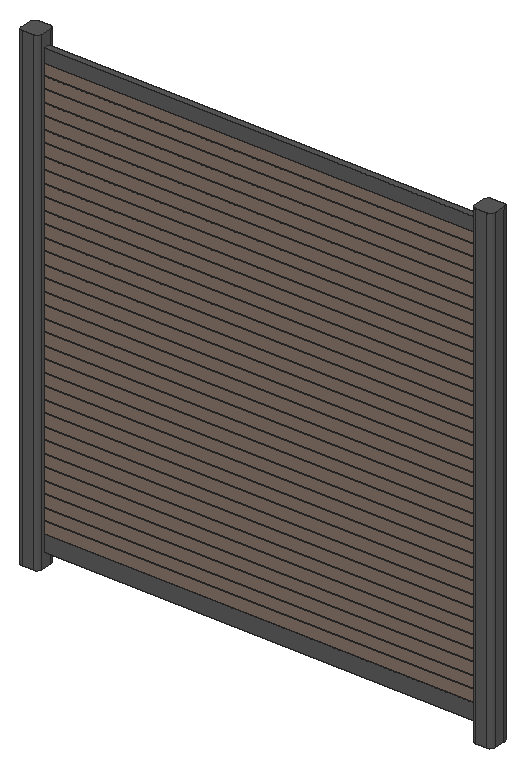
Revit family "NewTechWood-UltraEasy_Fencing-Fence", category Specialty Equipment, Revit 2024
Family settings
  Round Connector Dimension = Use Diameter
  Part Type = Normal
  Work Plane-Based = No
  Enable Cutting in Views = No
  Always vertical = Yes
  Cut with Voids When Loaded = No
  Maintain Annotation Orientation = No
  Shared = No
  Room Calculation Point = No
Parameters (values of type "UH66")
  Width [instance] = 70.86614"
  Right Post Sleeve Masking Region [instance] = Right Post Sleeve  # yes
  Panel Thickness = 0.82677"  # constant formula
  URL = "https://www.newtechwood.com/"
  UH66 Fence Profile = yes
  UH24 Fence Profile = no
  UH105 Fence Profile = no
  Trim Material [instance] = Arcat - NewTechWood - Black Matte
  Specification = ""
  SpecWizard = ""
  Sales Information = "https://www.newtechwood.com/contact-us/"
  Right Post Sleeve [instance] = yes
  Product Properties = "https://www.newtechwood.com/product/fencing//#technical"
  Product Data = "https://www.arcat.com/arcatcos/cos52/arc52279.html"
  Post Sleeve Material [instance] = Arcat - NewTechWood - Black Matte
  Panel Length [instance] = Auxiliary Width - (1.5748" * 2)  # 67.71654"
  Model = "Fence UH66"
  Manufacturer Phone - Toll Free = "1-866-728-5273"
  Manufacturer Phone = "1-281-570-6450"
  Manufacturer Fax = "1-281-661-1167"
  Manufacturer Email = "inquiry@newtechwood.com"
  Manufacturer Address = "15912 International Plaza Drive, Houston, Texas 77032"
  Manufacturer = "NewTechWood America Inc."
  Left Post Sleeve Masking Region [instance] = Left Post Sleeve  # yes
  Fence Height = 71.65"  # constant formula
  Auxiliary Width [instance] = if(Width > 70.86614", 70.86614", Width)  # 70.86614"
  Left Post Sleeve [instance] = yes
  Installation-Fabrication = "https://www.newtechwood.com/product/fencing/"
  Post Height = 74.80315"  # constant formula
  Green Building-LEED = ""
  Fence Board Material [instance] = Arcat - NewTechWood - TK - Peruvian Teak
  Description = "UltraShield® Naturale™ UltraEasy Fence, 71\" Width (Maximum) x 72\" Height x 1.125\" Thickness, With Capped Composite Board, 6\" Height x 0.8\" Thickness x 69\" Width (Maximum)"
  Default Elevation = 0"
  Copyright = "© 2025 ARCAT"  # constant formula
  Construction Details = "https://www.arcat.com/company/newtechwood-america-inc-52279/cad"
Types (3): name | UH66 Fence Profile | UH24 Fence Profile | UH105 Fence Profile | Model
  UH66 | yes | no | no | "Fence UH66"
  UH105 | no | no | yes | "Fence UH105"
  UH24 | no | yes | no | "Fence UH24"
Reference planes (in)
  plane 1 "Center (Front/Back)": y = 0
  plane 2: z = 0
  plane 3 "Center (Left/Right)": x = 0
  plane 4 "Top": z = 74.80315
  plane 5 "Left": x = -35.43307
  plane 6 "Right": x = 35.43307
Forms (in)
  Extrusion 1, solid, material "Arcat - NewTechWood - TK - Peruvian Teak" <- "Fence Board Material", visible <- "UH66 Fence Profile"
    sketch origin (0, 0, 0) x (0, 1, 0) y (0, 0, 1)
      loop
        line (0.41339, 4.63386) -> (0.21654, 4.63386) -> (0.21654, 4.79134) -> (0.41339, 4.79134) -> (0.41339, 6.52362) -> (0.21654, 6.52362) -> (0.21654, 6.6811) -> (0.41339, 6.6811) -> (0.41339, 8.41339) -> (0.21654, 8.41339) -> (0.21654, 8.57087) -> (0.41339, 8.57087) -> (0.41339, 10.30315) -> (0.21654, 10.30315) -> (0.21654, 10.46063) -> (0.41339, 10.46063) -> (0.41339, 12.19291) -> (0.21654, 12.19291) -> (0.21654, 12.35039) -> (0.41339, 12.35039) -> (0.41339, 14.08268) -> (0.21654, 14.08268) -> (0.21654, 14.24016) -> (0.41339, 14.24016) -> (0.41339, 15.97244) -> (0.21654, 15.97244) -> (0.21654, 16.12992) -> (0.41339, 16.12992) -> (0.41339, 17.8622) -> (0.21654, 17.8622) -> (0.21654, 18.01969) -> (0.41339, 18.01969) -> (0.41339, 19.75197) -> (0.21654, 19.75197) -> (0.21654, 19.90945) -> (0.41339, 19.90945) -> (0.41339, 21.64173) -> (0.21654, 21.64173) -> (0.21654, 21.79921) -> (0.41339, 21.79921) -> (0.41339, 23.5315) -> (0.21654, 23.5315) -> (0.21654, 23.68898) -> (0.41339, 23.68898) -> (0.41339, 25.42126) -> (0.21654, 25.42126) -> (0.21654, 25.57874) -> (0.41339, 25.57874) -> (0.41339, 27.31102) -> (0.21654, 27.31102) -> (0.21654, 27.4685) -> (0.41339, 27.4685) -> (0.41339, 29.20079) -> (0.21654, 29.20079) -> (0.21654, 29.35827) -> (0.41339, 29.35827) -> (0.41339, 31.09055) -> (0.21654, 31.09055) -> (0.21654, 31.24803) -> (0.41339, 31.24803) -> (0.41339, 32.98031) -> (0.21654, 32.98031) -> (0.21654, 33.1378) -> (0.41339, 33.1378) -> (0.41339, 34.87008) -> (0.21654, 34.87008) -> (0.21654, 35.02756) -> (0.41339, 35.02756) -> (0.41339, 36.75984) -> (0.21654, 36.75984) -> (0.21654, 36.91732) -> (0.41339, 36.91732) -> (0.41339, 38.64961) -> (0.21654, 38.64961) -> (0.21654, 38.80709) -> (0.41339, 38.80709) -> (0.41339, 40.53937) -> (0.21654, 40.53937) -> (0.21654, 40.69685) -> (0.41339, 40.69685) -> (0.41339, 42.42913) -> (0.21654, 42.42913) -> (0.21654, 42.58661) -> (0.41339, 42.58661) -> (0.41339, 44.3189) -> (0.21654, 44.3189) -> (0.21654, 44.47638) -> (0.41339, 44.47638) -> (0.41339, 46.20866) -> (0.21654, 46.20866) -> (0.21654, 46.36614) -> (0.41339, 46.36614) -> (0.41339, 48.09843) -> (0.21654, 48.09843) -> (0.21654, 48.25591) -> (0.41339, 48.25591) -> (0.41339, 49.98819) -> (0.21654, 49.98819) -> (0.21654, 50.14567) -> (0.41339, 50.14567) -> (0.41339, 51.87795) -> (0.21654, 51.87795) -> (0.21654, 52.03543) -> (0.41339, 52.03543) -> (0.41339, 53.76772) -> (0.21654, 53.76772) -> (0.21654, 53.9252) -> (0.41339, 53.9252) -> (0.41339, 55.65748) -> (0.21654, 55.65748) -> (0.21654, 55.81496) -> (0.41339, 55.81496) -> (0.41339, 57.54724) -> (0.21654, 57.54724) -> (0.21654, 57.70472) -> (0.41339, 57.70472) -> (0.41339, 59.43701) -> (0.21654, 59.43701) -> (0.21654, 59.59449) -> (0.41339, 59.59449) -> (0.41339, 61.32677) -> (0.21654, 61.32677) -> (0.21654, 61.48425) -> (0.41339, 61.48425) -> (0.41339, 63.21654) -> (0.21654, 63.21654) -> (0.21654, 63.37402) -> (0.41339, 63.37402) -> (0.41339, 65.1063) -> (0.21654, 65.1063) -> (0.21654, 65.26378) -> (0.41339, 65.26378) -> (0.41339, 66.99606) -> (0.21654, 66.99606) -> (0.21654, 67.15354) -> (0.41339, 67.15354) -> (0.41339, 68.88583) -> (0.21654, 68.88583) -> (0.21654, 69.04331) -> (0.41339, 69.04331) -> (0.41339, 70.77559) -> (0.21654, 70.77559) -> (0.21654, 70.93307) -> (-0.21654, 70.93307) -> (-0.21654, 70.77559) -> (-0.41339, 70.77559) -> (-0.41339, 69.04331) -> (-0.21654, 69.04331) -> (-0.21654, 68.88583) -> (-0.41339, 68.88583) -> (-0.41339, 67.15354) -> (-0.21654, 67.15354) -> (-0.21654, 66.99606) -> (-0.41339, 66.99606) -> (-0.41339, 65.26378) -> (-0.21654, 65.26378) -> (-0.21654, 65.1063) -> (-0.41339, 65.1063) -> (-0.41339, 63.37402) -> (-0.21654, 63.37402) -> (-0.21654, 63.21654) -> (-0.41339, 63.21654) -> (-0.41339, 61.48425) -> (-0.21654, 61.48425) -> (-0.21654, 61.32677) -> (-0.41339, 61.32677) -> (-0.41339, 59.59449) -> (-0.21654, 59.59449) -> (-0.21654, 59.43701) -> (-0.41339, 59.43701) -> (-0.41339, 57.70472) -> (-0.21654, 57.70472) -> (-0.21654, 57.54724) -> (-0.41339, 57.54724) -> (-0.41339, 55.81496) -> (-0.21654, 55.81496) -> (-0.21654, 55.65748) -> (-0.41339, 55.65748) -> (-0.41339, 53.9252) -> (-0.21654, 53.9252) -> (-0.21654, 53.76772) -> (-0.41339, 53.76772) -> (-0.41339, 52.03543) -> (-0.21654, 52.03543) -> (-0.21654, 51.87795) -> (-0.41339, 51.87795) -> (-0.41339, 50.14567) -> (-0.21654, 50.14567) -> (-0.21654, 49.98819) -> (-0.41339, 49.98819) -> (-0.41339, 48.25591) -> (-0.21654, 48.25591) -> (-0.21654, 48.09843) -> (-0.41339, 48.09843) -> (-0.41339, 46.36614) -> (-0.21654, 46.36614) -> (-0.21654, 46.20866) -> (-0.41339, 46.20866) -> (-0.41339, 44.47638) -> (-0.21654, 44.47638) -> (-0.21654, 44.3189) -> (-0.41339, 44.3189) -> (-0.41339, 42.58661) -> (-0.21654, 42.58661) -> (-0.21654, 42.42913) -> (-0.41339, 42.42913) -> (-0.41339, 40.69685) -> (-0.21654, 40.69685) -> (-0.21654, 40.53937) -> (-0.41339, 40.53937) -> (-0.41339, 38.80709) -> (-0.21654, 38.80709) -> (-0.21654, 38.64961) -> (-0.41339, 38.64961) -> (-0.41339, 36.91732) -> (-0.21654, 36.91732) -> (-0.21654, 36.75984) -> (-0.41339, 36.75984) -> (-0.41339, 35.02756) -> (-0.21654, 35.02756) -> (-0.21654, 34.87008) -> (-0.41339, 34.87008) -> (-0.41339, 33.1378) -> (-0.21654, 33.1378) -> (-0.21654, 32.98031) -> (-0.41339, 32.98031) -> (-0.41339, 31.24803) -> (-0.21654, 31.24803) -> (-0.21654, 31.09055) -> (-0.41339, 31.09055) -> (-0.41339, 29.35827) -> (-0.21654, 29.35827) -> (-0.21654, 29.20079) -> (-0.41339, 29.20079) -> (-0.41339, 27.4685) -> (-0.21654, 27.4685) -> (-0.21654, 27.31102) -> (-0.41339, 27.31102) -> (-0.41339, 25.57874) -> (-0.21654, 25.57874) -> (-0.21654, 25.42126) -> (-0.41339, 25.42126) -> (-0.41339, 23.68898) -> (-0.21654, 23.68898) -> (-0.21654, 23.5315) -> (-0.41339, 23.5315) -> (-0.41339, 21.79921) -> (-0.21654, 21.79921) -> (-0.21654, 21.64173) -> (-0.41339, 21.64173) -> (-0.41339, 19.90945) -> (-0.21654, 19.90945) -> (-0.21654, 19.75197) -> (-0.41339, 19.75197) -> (-0.41339, 18.01969) -> (-0.21654, 18.01969) -> (-0.21654, 17.8622) -> (-0.41339, 17.8622) -> (-0.41339, 16.12992) -> (-0.21654, 16.12992) -> (-0.21654, 15.97244) -> (-0.41339, 15.97244) -> (-0.41339, 14.24016) -> (-0.21654, 14.24016) -> (-0.21654, 14.08268) -> (-0.41339, 14.08268) -> (-0.41339, 12.35039) -> (-0.21654, 12.35039) -> (-0.21654, 12.19291) -> (-0.41339, 12.19291) -> (-0.41339, 10.46063) -> (-0.21654, 10.46063) -> (-0.21654, 10.30315) -> (-0.41339, 10.30315) -> (-0.41339, 8.57087) -> (-0.21654, 8.57087) -> (-0.21654, 8.41339) -> (-0.41339, 8.41339) -> (-0.41339, 6.6811) -> (-0.21654, 6.6811) -> (-0.21654, 6.52362) -> (-0.41339, 6.52362) -> (-0.41339, 4.79134) -> (-0.21654, 4.79134) -> (-0.21654, 4.63386) -> (-0.41339, 4.63386) -> (-0.41339, 2.49213) -> (0.41339, 2.49213) -> (0.41339, 4.63386)
    from -33.85827 to 33.85827
  Extrusion 2, solid, material "Arcat - NewTechWood - Black Matte" <- "Trim Material"
    sketch origin (0, 0, 0) x (0, 1, 0) y (0, 0, 1)
      loop
        line (0.51181, 70.77559) -> (0.51181, 72.83465) -> (-0.51181, 72.83465) -> (-0.51181, 70.77559) -> (-0.21654, 70.77559) -> (-0.21654, 70.93307) -> (0.21654, 70.93307) -> (0.21654, 70.77559) -> (0.51181, 70.77559)
      loop
        line (-0.51181, 2.24409) -> (0.51181, 2.24409) -> (0.51181, 4.84252) -> (0.41339, 4.84252) -> (0.41339, 2.49213) -> (-0.41339, 2.49213) -> (-0.41339, 4.84252) -> (-0.51181, 4.84252) -> (-0.51181, 2.24409)
    from -33.85827 to 33.85827
  Extrusion 3, solid, material "Arcat - NewTechWood - TK - Peruvian Teak" <- "Fence Board Material", visible <- "UH105 Fence Profile"
    sketch origin (0, 0, 0) x (0, 1, 0) y (0, 0, 1)
      loop
        line (-0.41339, 2.49213) -> (0.41339, 2.49213) -> (0.41339, 4.63386) -> (0.21654, 4.63386) -> (0.21654, 4.79134) -> (0.41339, 4.79134) -> (0.41339, 5.57874) -> (0.21654, 5.57874) -> (0.21654, 5.73622) -> (0.41339, 5.73622) -> (0.41339, 7.4685) -> (0.21654, 7.4685) -> (0.21654, 7.62598) -> (0.41339, 7.62598) -> (0.41339, 8.41339) -> (0.21654, 8.41339) -> (0.21654, 8.57087) -> (0.41339, 8.57087) -> (0.41339, 10.30315) -> (0.21654, 10.30315) -> (0.21654, 10.46063) -> (0.41339, 10.46063) -> (0.41339, 11.24803) -> (0.21654, 11.24803) -> (0.21654, 11.40551) -> (0.41339, 11.40551) -> (0.41339, 13.1378) -> (0.21654, 13.1378) -> (0.21654, 13.29528) -> (0.41339, 13.29528) -> (0.41339, 14.08268) -> (0.21654, 14.08268) -> (0.21654, 14.24016) -> (0.41339, 14.24016) -> (0.41339, 15.97244) -> (0.21654, 15.97244) -> (0.21654, 16.12992) -> (0.41339, 16.12992) -> (0.41339, 16.91732) -> (0.21654, 16.91732) -> (0.21654, 17.0748) -> (0.41339, 17.0748) -> (0.41339, 18.80709) -> (0.21654, 18.80709) -> (0.21654, 18.96457) -> (0.41339, 18.96457) -> (0.41339, 19.75197) -> (0.21654, 19.75197) -> (0.21654, 19.90945) -> (0.41339, 19.90945) -> (0.41339, 21.64173) -> (0.21654, 21.64173) -> (0.21654, 21.79921) -> (0.41339, 21.79921) -> (0.41339, 22.58661) -> (0.21654, 22.58661) -> (0.21654, 22.74409) -> (0.41339, 22.74409) -> (0.41339, 24.47638) -> (0.21654, 24.47638) -> (0.21654, 24.63386) -> (0.41339, 24.63386) -> (0.41339, 25.42126) -> (0.21654, 25.42126) -> (0.21654, 25.57874) -> (0.41339, 25.57874) -> (0.41339, 27.31102) -> (0.21654, 27.31102) -> (0.21654, 27.4685) -> (0.41339, 27.4685) -> (0.41339, 28.25591) -> (0.21654, 28.25591) -> (0.21654, 28.41339) -> (0.41339, 28.41339) -> (0.41339, 30.14567) -> (0.21654, 30.14567) -> (0.21654, 30.30315) -> (0.41339, 30.30315) -> (0.41339, 31.09055) -> (0.21654, 31.09055) -> (0.21654, 31.24803) -> (0.41339, 31.24803) -> (0.41339, 32.98031) -> (0.21654, 32.98031) -> (0.21654, 33.1378) -> (0.41339, 33.1378) -> (0.41339, 33.9252) -> (0.21654, 33.9252) -> (0.21654, 34.08268) -> (0.41339, 34.08268) -> (0.41339, 35.81496) -> (0.21654, 35.81496) -> (0.21654, 35.97244) -> (0.41339, 35.97244) -> (0.41339, 36.75984) -> (0.21654, 36.75984) -> (0.21654, 36.91732) -> (0.41339, 36.91732) -> (0.41339, 38.64961) -> (0.21654, 38.64961) -> (0.21654, 38.80709) -> (0.41339, 38.80709) -> (0.41339, 39.59449) -> (0.21654, 39.59449) -> (0.21654, 39.75197) -> (0.41339, 39.75197) -> (0.41339, 41.48425) -> (0.21654, 41.48425) -> (0.21654, 41.64173) -> (0.41339, 41.64173) -> (0.41339, 42.42913) -> (0.21654, 42.42913) -> (0.21654, 42.58661) -> (0.41339, 42.58661) -> (0.41339, 44.3189) -> (0.21654, 44.3189) -> (0.21654, 44.47638) -> (0.41339, 44.47638) -> (0.41339, 45.26378) -> (0.21654, 45.26378) -> (0.21654, 45.42126) -> (0.41339, 45.42126) -> (0.41339, 47.15354) -> (0.21654, 47.15354) -> (0.21654, 47.31102) -> (0.41339, 47.31102) -> (0.41339, 48.09843) -> (0.21654, 48.09843) -> (0.21654, 48.25591) -> (0.41339, 48.25591) -> (0.41339, 49.98819) -> (0.21654, 49.98819) -> (0.21654, 50.14567) -> (0.41339, 50.14567) -> (0.41339, 50.93307) -> (0.21654, 50.93307) -> (0.21654, 51.09055) -> (0.41339, 51.09055) -> (0.41339, 52.82283) -> (0.21654, 52.82283) -> (0.21654, 52.98031) -> (0.41339, 52.98031) -> (0.41339, 53.76772) -> (0.21654, 53.76772) -> (0.21654, 53.9252) -> (0.41339, 53.9252) -> (0.41339, 55.65748) -> (0.21654, 55.65748) -> (0.21654, 55.81496) -> (0.41339, 55.81496) -> (0.41339, 56.60236) -> (0.21654, 56.60236) -> (0.21654, 56.75984) -> (0.41339, 56.75984) -> (0.41339, 58.49213) -> (0.21654, 58.49213) -> (0.21654, 58.64961) -> (0.41339, 58.64961) -> (0.41339, 59.43701) -> (0.21654, 59.43701) -> (0.21654, 59.59449) -> (0.41339, 59.59449) -> (0.41339, 61.32677) -> (0.21654, 61.32677) -> (0.21654, 61.48425) -> (0.41339, 61.48425) -> (0.41339, 62.27165) -> (0.21654, 62.27165) -> (0.21654, 62.42913) -> (0.41339, 62.42913) -> (0.41339, 64.16142) -> (0.21654, 64.16142) -> (0.21654, 64.3189) -> (0.41339, 64.3189) -> (0.41339, 65.1063) -> (0.21654, 65.1063) -> (0.21654, 65.26378) -> (0.41339, 65.26378) -> (0.41339, 66.99606) -> (0.21654, 66.99606) -> (0.21654, 67.15354) -> (0.41339, 67.15354) -> (0.41339, 67.94094) -> (0.21654, 67.94094) -> (0.21654, 68.09843) -> (0.41339, 68.09843) -> (0.41339, 69.83071) -> (0.21654, 69.83071) -> (0.21654, 69.98819) -> (0.41339, 69.98819) -> (0.41339, 70.77559) -> (0.21654, 70.77559) -> (0.21654, 70.93307) -> (-0.21654, 70.93307) -> (-0.21654, 70.77559) -> (-0.41339, 70.77559) -> (-0.41339, 69.98819) -> (-0.21654, 69.98819) -> (-0.21654, 69.83071) -> (-0.41339, 69.83071) -> (-0.41339, 68.09843) -> (-0.21654, 68.09843) -> (-0.21654, 67.94094) -> (-0.41339, 67.94094) -> (-0.41339, 67.15354) -> (-0.21654, 67.15354) -> (-0.21654, 66.99606) -> (-0.41339, 66.99606) -> (-0.41339, 65.26378) -> (-0.21654, 65.26378) -> (-0.21654, 65.1063) -> (-0.41339, 65.1063) -> (-0.41339, 64.3189) -> (-0.21654, 64.3189) -> (-0.21654, 64.16142) -> (-0.41339, 64.16142) -> (-0.41339, 62.42913) -> (-0.21654, 62.42913) -> (-0.21654, 62.27165) -> (-0.41339, 62.27165) -> (-0.41339, 61.48425) -> (-0.21654, 61.48425) -> (-0.21654, 61.32677) -> (-0.41339, 61.32677) -> (-0.41339, 59.59449) -> (-0.21654, 59.59449) -> (-0.21654, 59.43701) -> (-0.41339, 59.43701) -> (-0.41339, 58.64961) -> (-0.21654, 58.64961) -> (-0.21654, 58.49213) -> (-0.41339, 58.49213) -> (-0.41339, 56.75984) -> (-0.21654, 56.75984) -> (-0.21654, 56.60236) -> (-0.41339, 56.60236) -> (-0.41339, 55.81496) -> (-0.21654, 55.81496) -> (-0.21654, 55.65748) -> (-0.41339, 55.65748) -> (-0.41339, 53.9252) -> (-0.21654, 53.9252) -> (-0.21654, 53.76772) -> (-0.41339, 53.76772) -> (-0.41339, 52.98031) -> (-0.21654, 52.98031) -> (-0.21654, 52.82283) -> (-0.41339, 52.82283) -> (-0.41339, 51.09055) -> (-0.21654, 51.09055) -> (-0.21654, 50.93307) -> (-0.41339, 50.93307) -> (-0.41339, 50.14567) -> (-0.21654, 50.14567) -> (-0.21654, 49.98819) -> (-0.41339, 49.98819) -> (-0.41339, 48.25591) -> (-0.21654, 48.25591) -> (-0.21654, 48.09843) -> (-0.41339, 48.09843) -> (-0.41339, 47.31102) -> (-0.21654, 47.31102) -> (-0.21654, 47.15354) -> (-0.41339, 47.15354) -> (-0.41339, 45.42126) -> (-0.21654, 45.42126) -> (-0.21654, 45.26378) -> (-0.41339, 45.26378) -> (-0.41339, 44.47638) -> (-0.21654, 44.47638) -> (-0.21654, 44.3189) -> (-0.41339, 44.3189) -> (-0.41339, 42.58661) -> (-0.21654, 42.58661) -> (-0.21654, 42.42913) -> (-0.41339, 42.42913) -> (-0.41339, 41.64173) -> (-0.21654, 41.64173) -> (-0.21654, 41.48425) -> (-0.41339, 41.48425) -> (-0.41339, 39.75197) -> (-0.21654, 39.75197) -> (-0.21654, 39.59449) -> (-0.41339, 39.59449) -> (-0.41339, 38.80709) -> (-0.21654, 38.80709) -> (-0.21654, 38.64961) -> (-0.41339, 38.64961) -> (-0.41339, 36.91732) -> (-0.21654, 36.91732) -> (-0.21654, 36.75984) -> (-0.41339, 36.75984) -> (-0.41339, 35.97244) -> (-0.21654, 35.97244) -> (-0.21654, 35.81496) -> (-0.41339, 35.81496) -> (-0.41339, 34.08268) -> (-0.21654, 34.08268) -> (-0.21654, 33.9252) -> (-0.41339, 33.9252) -> (-0.41339, 33.1378) -> (-0.21654, 33.1378) -> (-0.21654, 32.98031) -> (-0.41339, 32.98031) -> (-0.41339, 31.24803) -> (-0.21654, 31.24803) -> (-0.21654, 31.09055) -> (-0.41339, 31.09055) -> (-0.41339, 30.30315) -> (-0.21654, 30.30315) -> (-0.21654, 30.14567) -> (-0.41339, 30.14567) -> (-0.41339, 28.41339) -> (-0.21654, 28.41339) -> (-0.21654, 28.25591) -> (-0.41339, 28.25591) -> (-0.41339, 27.4685) -> (-0.21654, 27.4685) -> (-0.21654, 27.31102) -> (-0.41339, 27.31102) -> (-0.41339, 25.57874) -> (-0.21654, 25.57874) -> (-0.21654, 25.42126) -> (-0.41339, 25.42126) -> (-0.41339, 24.63386) -> (-0.21654, 24.63386) -> (-0.21654, 24.47638) -> (-0.41339, 24.47638) -> (-0.41339, 22.74409) -> (-0.21654, 22.74409) -> (-0.21654, 22.58661) -> (-0.41339, 22.58661) -> (-0.41339, 21.79921) -> (-0.21654, 21.79921) -> (-0.21654, 21.64173) -> (-0.41339, 21.64173) -> (-0.41339, 19.90945) -> (-0.21654, 19.90945) -> (-0.21654, 19.75197) -> (-0.41339, 19.75197) -> (-0.41339, 18.96457) -> (-0.21654, 18.96457) -> (-0.21654, 18.80709) -> (-0.41339, 18.80709) -> (-0.41339, 17.0748) -> (-0.21654, 17.0748) -> (-0.21654, 16.91732) -> (-0.41339, 16.91732) -> (-0.41339, 16.12992) -> (-0.21654, 16.12992) -> (-0.21654, 15.97244) -> (-0.41339, 15.97244) -> (-0.41339, 14.24016) -> (-0.21654, 14.24016) -> (-0.21654, 14.08268) -> (-0.41339, 14.08268) -> (-0.41339, 13.29528) -> (-0.21654, 13.29528) -> (-0.21654, 13.1378) -> (-0.41339, 13.1378) -> (-0.41339, 11.40551) -> (-0.21654, 11.40551) -> (-0.21654, 11.24803) -> (-0.41339, 11.24803) -> (-0.41339, 10.46063) -> (-0.21654, 10.46063) -> (-0.21654, 10.30315) -> (-0.41339, 10.30315) -> (-0.41339, 8.57087) -> (-0.21654, 8.57087) -> (-0.21654, 8.41339) -> (-0.41339, 8.41339) -> (-0.41339, 7.62598) -> (-0.21654, 7.62598) -> (-0.21654, 7.4685) -> (-0.41339, 7.4685) -> (-0.41339, 5.73622) -> (-0.21654, 5.73622) -> (-0.21654, 5.57874) -> (-0.41339, 5.57874) -> (-0.41339, 4.79134) -> (-0.21654, 4.79134) -> (-0.21654, 4.63386) -> (-0.41339, 4.63386) -> (-0.41339, 2.49213)
    from -33.85827 to 33.85827
  Extrusion 4, solid, material "Arcat - NewTechWood - TK - Peruvian Teak" <- "Fence Board Material", visible <- "UH24 Fence Profile"
    sketch origin (0, 0, 0) x (0, 1, 0) y (0, 0, 1)
      loop
        line (-0.41339, 2.49213) -> (0.41339, 2.49213) -> (0.41339, 8.49213) -> (0.21654, 8.49213) -> (0.21654, 8.57087) -> (0.41339, 8.57087) -> (0.41339, 14.16142) -> (0.21654, 14.16142) -> (0.21654, 14.24016) -> (0.41339, 14.24016) -> (0.41339, 19.83071) -> (0.21654, 19.83071) -> (0.21654, 19.90945) -> (0.41339, 19.90945) -> (0.41339, 25.5) -> (0.21654, 25.5) -> (0.21654, 25.57874) -> (0.41339, 25.57874) -> (0.41339, 31.16929) -> (0.21654, 31.16929) -> (0.21654, 31.24803) -> (0.41339, 31.24803) -> (0.41339, 36.83858) -> (0.21654, 36.83858) -> (0.21654, 36.91732) -> (0.41339, 36.91732) -> (0.41339, 42.50787) -> (0.21654, 42.50787) -> (0.21654, 42.58661) -> (0.41339, 42.58661) -> (0.41339, 48.17717) -> (0.21654, 48.17717) -> (0.21654, 48.25591) -> (0.41339, 48.25591) -> (0.41339, 53.84646) -> (0.21654, 53.84646) -> (0.21654, 53.9252) -> (0.41339, 53.9252) -> (0.41339, 59.51575) -> (0.21654, 59.51575) -> (0.21654, 59.59449) -> (0.41339, 59.59449) -> (0.41339, 65.18504) -> (0.21654, 65.18504) -> (0.21654, 65.26378) -> (0.41339, 65.26378) -> (0.41339, 70.77559) -> (0.21654, 70.77559) -> (0.21654, 70.93307) -> (-0.21654, 70.93307) -> (-0.21654, 70.77559) -> (-0.41339, 70.77559) -> (-0.41339, 65.26378) -> (-0.21654, 65.26378) -> (-0.21654, 65.18504) -> (-0.41339, 65.18504) -> (-0.41339, 59.59449) -> (-0.21654, 59.59449) -> (-0.21654, 59.51575) -> (-0.41339, 59.51575) -> (-0.41339, 53.9252) -> (-0.21654, 53.9252) -> (-0.21654, 53.84646) -> (-0.41339, 53.84646) -> (-0.41339, 48.25591) -> (-0.21654, 48.25591) -> (-0.21654, 48.17717) -> (-0.41339, 48.17717) -> (-0.41339, 42.58661) -> (-0.21654, 42.58661) -> (-0.21654, 42.50787) -> (-0.41339, 42.50787) -> (-0.41339, 36.91732) -> (-0.21654, 36.91732) -> (-0.21654, 36.83858) -> (-0.41339, 36.83858) -> (-0.41339, 31.24803) -> (-0.21654, 31.24803) -> (-0.21654, 31.16929) -> (-0.41339, 31.16929) -> (-0.41339, 25.57874) -> (-0.21654, 25.57874) -> (-0.21654, 25.5) -> (-0.41339, 25.5) -> (-0.41339, 19.90945) -> (-0.21654, 19.90945) -> (-0.21654, 19.83071) -> (-0.41339, 19.83071) -> (-0.41339, 14.24016) -> (-0.21654, 14.24016) -> (-0.21654, 14.16142) -> (-0.41339, 14.16142) -> (-0.41339, 8.57087) -> (-0.21654, 8.57087) -> (-0.21654, 8.49213) -> (-0.41339, 8.49213) -> (-0.41339, 2.49213)
    from -33.85827 to 33.85827
Lines and regions (in)
  Masking region 1
    outline origin (0, 0, 0) x (1, 0, 0) y (0, 1, 0)
      loop
        line (33.85827, 0.51181) -> (-33.85827, 0.51181) -> (-33.85827, -0.51181) -> (33.85827, -0.51181) -> (33.85827, 0.51181)
  Masking region 2, visible <- "Left Post Sleeve Masking Region"
    outline origin (0, 0, 0) x (1, 0, 0) y (0, 1, 0)
      loop
        arc (-33.85827, 0.86614) -> (-34.06583, 1.36724) -> (-34.56693, 1.5748) r 0.70866
        line (-34.56693, 1.5748) -> (-36.29921, 1.5748)
        arc (-36.29921, 1.5748) -> (-36.80031, 1.36724) -> (-37.00787, 0.86614) r 0.70866
        line (-37.00787, 0.86614) -> (-37.00787, -0.86614)
        arc (-37.00787, -0.86614) -> (-36.80031, -1.36724) -> (-36.29921, -1.5748) r 0.70866
        line (-36.29921, -1.5748) -> (-34.56693, -1.5748)
        arc (-34.56693, -1.5748) -> (-34.06583, -1.36724) -> (-33.85827, -0.86614) r 0.70866
        line (-33.85827, -0.86614) -> (-33.85827, 0.86614)
  Masking region 3, visible <- "Right Post Sleeve Masking Region"
    outline origin (0, 0, 0) x (1, 0, 0) y (0, 1, 0)
      loop
        line (33.85827, 0.86614) -> (33.85827, -0.86614)
        arc (33.85827, -0.86614) -> (34.06583, -1.36724) -> (34.56693, -1.5748) r 0.70866
        line (34.56693, -1.5748) -> (36.29921, -1.5748)
        arc (36.29921, -1.5748) -> (36.80031, -1.36724) -> (37.00787, -0.86614) r 0.70866
        line (37.00787, -0.86614) -> (37.00787, 0.86614)
        arc (37.00787, 0.86614) -> (36.80031, 1.36724) -> (36.29921, 1.5748) r 0.70866
        line (36.29921, 1.5748) -> (34.56693, 1.5748)
        arc (34.56693, 1.5748) -> (34.06583, 1.36724) -> (33.85827, 0.86614) r 0.70866
Dimensions and locks (in)
  "Post Height": plane 4 "Top" to plane 2
  equal spacing: plane 5 "Left", plane 3 "Center (Left/Right)", plane 6 "Right"
  locked: Extrusion 1 to plane 5 "Left" at 1.5748
  locked: plane 6 "Right" to Extrusion 1 at 1.5748
  equal spacing: Extrusion 2 sketch curve, nested 1, Extrusion 2 sketch curve  (x2)
  locked: Extrusion 2 to plane 5 "Left" at 1.5748
  locked: plane 6 "Right" to Extrusion 2 at 1.5748
  locked: Extrusion 3 to plane 5 "Left" at 1.5748
  locked: plane 6 "Right" to Extrusion 3 at 1.5748
  locked: Extrusion 4 to plane 5 "Left" at 1.5748
  locked: plane 6 "Right" to Extrusion 4 at 1.5748
  "Auxiliary Width": plane 5 "Left" to plane 6 "Right"
  aligned and locked: plane 2 to level
  aligned and locked: plane 5 "Left" to nested 1
  aligned and locked: plane 1 "Center (Front/Back)" to nested 1
  aligned and locked: plane 4 "Top" to nested 1
  aligned and locked: nested 2 to plane 6 "Right"
  aligned and locked: plane 1 "Center (Front/Back)" to nested 2
Automatic sketch dimensions
  plane 1 "Center (Front/Back)" to Extrusion 4 sketch curve = 0.41339"  (x7)
  Extrusion 4 sketch curve to Extrusion 4 sketch curve = 0"  (x24)
  Extrusion 4 sketch curve to Extrusion 4 sketch curve = 0.19685"  (x17)
  Extrusion 4 sketch curve to plane 1 "Center (Front/Back)" = 0.21654"  (x12)
  Extrusion 4 sketch curve to Extrusion 4 sketch curve = 6"
  Extrusion 4 sketch curve to Extrusion 4 sketch curve = 0.07874"  (x22)
  Extrusion 4 sketch curve to Extrusion 4 sketch curve = 5.59055"  (x10)
  Extrusion 4 sketch curve to plane 4 "Top" = 4.02756"
  Extrusion 4 sketch curve to Extrusion 4 sketch curve = 0.15748"
  plane 5 "Left" to Masking region 1 sketch curve = 1.5748"
  plane 1 "Center (Front/Back)" to Masking region 1 sketch curve = 0.51181"
  plane 6 "Right" to Masking region 1 sketch curve = 1.5748"
  Masking region 1 sketch curve to plane 1 "Center (Front/Back)" = 0.51181"
  plane 5 "Left" to Masking region 2 sketch curve = 0.86614"
  Masking region 2 sketch curve to plane 1 "Center (Front/Back)" = 0.86614"
  Masking region 2 sketch curve to Masking region 2 sketch curve = 0.70866"  (x4)
  Masking region 2 sketch curve to plane 5 "Left" = 0.86614"
  plane 1 "Center (Front/Back)" to Masking region 2 sketch curve = 0.86614"
  Masking region 3 sketch curve to Masking region 3 sketch curve = 0.70866"  (x3)
  Masking region 3 sketch curve to plane 1 "Center (Front/Back)" = 0.86614"
  plane 1 "Center (Front/Back)" to Masking region 3 sketch curve = 0.86614"  (x2)
  Masking region 3 sketch curve to plane 6 "Right" = 0.86614"
  plane 6 "Right" to Masking region 3 sketch curve = 0.86614"
  Extrusion 4 sketch curve to Extrusion 4 sketch curve = 5.51181"
  plane 1 "Center (Front/Back)" to Extrusion 1 sketch curve = 0.41339"  (x20)
  Extrusion 1 sketch curve to Extrusion 1 sketch curve = 0"  (x71)
  Extrusion 1 sketch curve to Extrusion 1 sketch curve = 0.19685"  (x51)
  plane 1 "Center (Front/Back)" to Extrusion 1 sketch curve = 0.21654"
  Extrusion 1 sketch curve to plane 1 "Center (Front/Back)" = 0.21654"  (x36)
  Extrusion 1 sketch curve to plane 1 "Center (Front/Back)" = 0.41339"
  level to Extrusion 1 sketch curve = 2.49213"
  Extrusion 1 sketch curve to Extrusion 1 sketch curve = 2.14173"
  Extrusion 1 sketch curve to Extrusion 1 sketch curve = 0.15748"  (x71)
  Extrusion 1 sketch curve to Extrusion 1 sketch curve = 1.73228"  (x35)
  plane 1 "Center (Front/Back)" to Extrusion 3 sketch curve = 0.41339"  (x26)
  Extrusion 3 sketch curve to Extrusion 3 sketch curve = 0"  (x100)
  Extrusion 3 sketch curve to Extrusion 3 sketch curve = 0.19685"  (x66)
  Extrusion 3 sketch curve to plane 1 "Center (Front/Back)" = 0.21654"  (x48)
  level to Extrusion 3 sketch curve = 2.49213"
  Extrusion 3 sketch curve to Extrusion 3 sketch curve = 2.14173"
  Extrusion 3 sketch curve to Extrusion 3 sketch curve = 0.15748"  (x95)
  Extrusion 3 sketch curve to Extrusion 3 sketch curve = 0.7874"  (x24)
  Extrusion 3 sketch curve to Extrusion 3 sketch curve = 1.73228"  (x23)
  plane 1 "Center (Front/Back)" to Extrusion 2 sketch curve = 0.51181"  (x2)
  Extrusion 2 sketch curve to Extrusion 2 sketch curve = 0.09843"  (x2)
  plane 1 "Center (Front/Back)" to Extrusion 2 sketch curve = 0.21654"
  Extrusion 2 sketch curve to plane 1 "Center (Front/Back)" = 0.21654"
  level to Extrusion 2 sketch curve = 2.24409"
  Extrusion 2 sketch curve to Extrusion 2 sketch curve = 0.24803"
  Extrusion 2 sketch curve to Extrusion 2 sketch curve = 2.35039"
  Extrusion 2 sketch curve to Extrusion 2 sketch curve = 0"  (x2)
  Extrusion 2 sketch curve to plane 4 "Top" = 4.02756"
  Extrusion 2 sketch curve to Extrusion 2 sketch curve = 0.15748"
  Extrusion 2 sketch curve to Extrusion 2 sketch curve = 1.90157"
Nested families (in)
  nested 1: "NEST_Post-Sleeve" at (-35.43307, 0, 0), visible <- "Left Post Sleeve", Post Sleeve Material <- "Post Sleeve Material", type "NEST_Post-Sleeve"
    with Post Sleeve Material Arcat - NewTechWood - Black Matte
  nested 2: "NEST_Post-Sleeve" at (35.43307, 0, 0), visible <- "Right Post Sleeve", Post Sleeve Material <- "Post Sleeve Material", type "NEST_Post-Sleeve"
    with Post Sleeve Material Arcat - NewTechWood - Black Matte
Definition of nested family "NEST_Post-Sleeve"
  Parameters (values of type "NEST_Post-Sleeve")
    Post Sleeve Material [instance] = none
    Height = 74.80315"
    Default Elevation = 0"
  Reference planes (in)
    plane 1 "Center (Front/Back)": y = 0
    plane 2: z = 0
    plane 3 "Center (Left/Right)": x = 0
    plane 4 "Top": z = 74.80315
  Forms (in)
    Extrusion 1, solid, material <- "Post Sleeve Material"
      sketch origin (-35.43307, 0, 0) x (1, 0, 0) y (0, 1, 0)
        loop
          line (36.29921, 1.5748) -> (34.56693, 1.5748)
          arc (34.56693, 1.5748) -> (34.06583, 1.36724) -> (33.85827, 0.86614) r 0.70866
          line (33.85827, 0.86614) -> (33.85827, -0.86614)
          arc (33.85827, -0.86614) -> (34.06583, -1.36724) -> (34.56693, -1.5748) r 0.70866
          line (34.56693, -1.5748) -> (36.29921, -1.5748)
          arc (36.29921, -1.5748) -> (36.80031, -1.36724) -> (37.00787, -0.86614) r 0.70866
          line (37.00787, -0.86614) -> (37.00787, 0.86614)
          arc (37.00787, 0.86614) -> (36.80031, 1.36724) -> (36.29921, 1.5748) r 0.70866
      from 0 to 74.80315
  Dimensions and locks (in)
    equal spacing: Extrusion 1 sketch curve, plane 1 "Center (Front/Back)", Extrusion 1 sketch curve
    equal spacing: Extrusion 1 sketch curve, plane 3 "Center (Left/Right)", Extrusion 1 sketch curve
    "Height": plane 2 to plane 4 "Top"
    aligned and locked: plane 2 to level
    aligned and locked: plane 4 "Top" to Extrusion 1
  Automatic sketch dimensions
    Extrusion 1 sketch curve to plane 1 "Center (Front/Back)" = 0.86614"
    Extrusion 1 sketch curve to plane 3 "Center (Left/Right)" = 1.5748"
    Extrusion 1 sketch curve to plane 3 "Center (Left/Right)" = 0.86614"
    Extrusion 1 sketch curve to Extrusion 1 sketch curve = 0.70866"  (x3)
